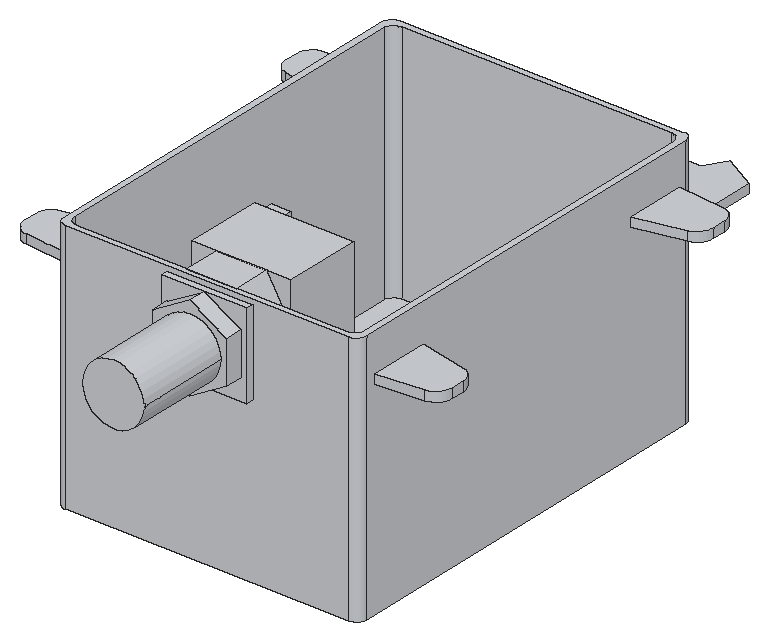
Revit family
Parameters
  Waste Connection = no
  Outlet Connector Type = ""
  Frame Visibility [instance] = no
  Default Elevation = 40.00"
  Inlet Connector Type = ""
Reference planes (in)
  plane 1 "Center (Front/Back)": y = 0
  plane 2: z = 0
  plane 3 "Center (Left/Right)": x = 0
Forms (in)
  Extrusion 1, solid, not visible
    sketch origin (0, 0, 0) x (1, 0, 0) y (0, 1, 0)
      loop
        line (-48, 48) -> (-48, -48) -> (48, -48) -> (48, 48) -> (-48, 48)
    from 0 to -12
  Extrusion 2, solid
    sketch origin (-7.70397, -2.8125, -0.625) x (1, 0, 0) y (0, 1, 0)
      loop
        line (9.74457, 5.38) -> (9.74457, 4.5495) -> (10.41144, 4.7033)
        arc (10.41144, 4.7033) -> (10.53349, 4.78027) -> (10.58107, 4.9165) r 0.2188
        line (10.58107, 4.9165) -> (10.58107, 5.0987)
        arc (10.58107, 5.0987) -> (10.52446, 5.24556) -> (10.38392, 5.31643) r 0.2188
        line (10.38392, 5.31643) -> (9.74457, 5.38)
    from 0 to 0.125
  Extrusion 3, solid
    sketch origin (7.70397, -2.8125, -0.625) x (-1, 0, 0) y (0, -1, 0)
      loop
        line (9.74457, -5.38) -> (10.38392, -5.31643)
        arc (10.38392, -5.31643) -> (10.52446, -5.24556) -> (10.58107, -5.0987) r 0.2188
        line (10.58107, -5.0987) -> (10.58107, -4.9165)
        arc (10.58107, -4.9165) -> (10.53349, -4.78027) -> (10.41144, -4.7033) r 0.2188
        line (10.41144, -4.7033) -> (9.74457, -4.5495) -> (9.74457, -5.38)
    from 0 to 0.125
  Extrusion 4, solid
    sketch origin (-7.70397, 2.8125, -0.625) x (1, 0, 0) y (0, 1, 0)
      loop
        line (9.74457, -5.38) -> (10.38392, -5.31643)
        arc (10.38392, -5.31643) -> (10.52446, -5.24556) -> (10.58107, -5.0987) r 0.2188
        line (10.58107, -5.0987) -> (10.58107, -4.9165)
        arc (10.58107, -4.9165) -> (10.53349, -4.78027) -> (10.41144, -4.7033) r 0.2188
        line (10.41144, -4.7033) -> (9.74457, -4.5495) -> (9.74457, -5.38)
    from 0 to 0.125
  Extrusion 5, solid
    sketch origin (7.70397, 2.8125, -0.625) x (-1, 0, 0) y (0, -1, 0)
      loop
        line (9.74457, 5.38) -> (9.74457, 4.5495) -> (10.41144, 4.7033)
        arc (10.41144, 4.7033) -> (10.53349, 4.78027) -> (10.58107, 4.9165) r 0.2188
        line (10.58107, 4.9165) -> (10.58107, 5.0987)
        arc (10.58107, 5.0987) -> (10.52446, 5.24556) -> (10.38392, 5.31643) r 0.2188
        line (10.38392, 5.31643) -> (9.74457, 5.38)
    from 0 to 0.125
  Extrusion 6, void
    sketch origin (0, -2.8125, -3.75) x (1, 0, 0) y (0, 1, 0)
      loop
        arc (-1.81428, 5.535) -> (-1.91067, 5.49507) -> (-1.9506, 5.39868) r 0.13632
        line (-1.9506, 5.39868) -> (-1.9506, 0.21279)
        arc (-1.9506, 0.21279) -> (-1.91067, 0.11639) -> (-1.81428, 0.07647) r 0.13632
        line (-1.81428, 0.07647) -> (1.81428, 0.07647)
        arc (1.81428, 0.07647) -> (1.91067, 0.11639) -> (1.9506, 0.21279) r 0.13632
        line (1.9506, 0.21279) -> (1.9506, 5.39868)
        arc (1.9506, 5.39868) -> (1.91067, 5.49507) -> (1.81428, 5.535) r 0.13632
        line (1.81428, 5.535) -> (-1.81428, 5.535)
    from 0.47737 to 3.75
  Extrusion 7, solid
    sketch origin (7, -2.8125, -3.75) x (1, 0, 0) y (0, 1, 0)
      loop
        arc (-8.90741, 5.625) -> (-9.00159, 5.58599) -> (-9.0406, 5.49181) r 0.13319
        line (-9.0406, 5.49181) -> (-9.0406, 0.13319)
        arc (-9.0406, 0.13319) -> (-9.00159, 0.03901) -> (-8.90741, 0) r 0.13319
        line (-8.90741, 0) -> (-5.09259, 0)
        arc (-5.09259, 0) -> (-4.99841, 0.03901) -> (-4.9594, 0.13319) r 0.13319
        line (-4.9594, 0.13319) -> (-4.9594, 5.49181)
        arc (-4.9594, 5.49181) -> (-4.99841, 5.58599) -> (-5.09259, 5.625) r 0.13319
        line (-5.09259, 5.625) -> (-8.90741, 5.625)
    from 0.33616 to 3.75
  Extrusion 8, solid
    sketch origin (7, -2.8125, -4.09216) x (1, 0, 0) y (0, 1, 0)
      loop
        line (-8.5603, 6.3475) -> (-8.7288, 6.62451) -> (-9.1936, 6.35561) -> (-9.1936, 5.62871) -> (-9.0406, 5.47571) -> (-8.85627, 5.625) -> (-5.10627, 5.625) -> (-4.95819, 5.47692) -> (-4.8064, 5.62871) -> (-4.8064, 6.35561) -> (-5.2712, 6.62451) -> (-5.4397, 6.3475) -> (-8.5603, 6.3475)
    from 3.125 to 3.25
  Extrusion 9, solid
    sketch origin (2.7956, -1.806, -2.99004) x (-1, 0, 0) y (0, 0, -1)
      loop
        line (3.4606, -2.99004) -> (3.4606, -1.83823) -> (2.1306, -1.83823) -> (2.1306, -2.99004) -> (3.4606, -2.99004)
    from -0.61996 to 0.42904
  Extrusion 10, solid
    sketch origin (2.7956, -1.806, -3.43713) x (-1, 0, 0) y (0, 0, -1)
      loop
        line (3.4606, -2.86123) -> (3.1281, -2.28532) -> (2.4631, -2.28532) -> (2.1306, -2.86123) -> (2.4631, -3.43713) -> (3.1281, -3.43713) -> (3.4606, -2.86123)
    from 0.42904 to 0.93004
  Extrusion 11, solid
    sketch origin (0.38935, 0, 0) x (1, 0, 0) y (0, 0, 1)
      loop
        line (0.22268, -0.0625) -> (-0.92732, -0.0625) -> (-0.92732, -1.21223) -> (0.22268, -1.21223) -> (0.22268, -0.0625)
    from 2.8125 to 2.9125
  Extrusion 12, solid
    sketch origin (1.0456, 0, 0) x (1, 0, 0) y (0, 0, 1)
      loop
        line (-1.0117, -0.0625) -> (-1.50955, -0.34993) -> (-1.50955, -0.9248) -> (-1.0117, -1.21223) -> (-0.51385, -0.9248) -> (-0.51385, -0.34993) -> (-1.0117, -0.0625)
    from 2.9125 to 3.1475
  Extrusion 13, solid
    sketch origin (1.0456, 0, 0) x (1, 0, 0) y (0, 0, 1)
      loop
        circle (-1.0117, -0.63736) r 0.4125
    from 4.42992 to 3.1475
  Extrusion 14, solid
    sketch origin (-0.7427, 0, -0.77554) x (1, 0, 0) y (0, 1, 0)
      loop
        line (0.0777, -1.86103) -> (0.0777, -0.57103) -> (-0.1823, -0.57103) -> (-0.1823, -1.86103) -> (0.0777, -1.86103)
    from 0 to 0.4
  Sweep 15, solid, not visible
    path origin (0, 0, 0) x (1, 0, 0) y (0, 0, 1)
      loop
        line (-1.7174, 2.5401) -> (-1.7174, -2.5401) -> (1.7174, -2.5401) -> (1.7174, 2.5401) -> (-1.7174, 2.5401)
    profile origin (-1.7174, 0, 0) x (0, -1, 0) y (1, 0, 0)
      loop
        line (0, 0) -> (0, -1.1782) -> (0.125, -1.1782)
        arc (0.125, -1.1782) -> (0.18244, -0.8066) -> (0.29371, -0.44742) r 2.55875
        arc (0.29371, -0.44742) -> (0.35615, -0.22767) -> (0.375, 0) r 1.17785
        line (0.375, 0) -> (0, 0)
  Sweep 16, solid, visible <- "Frame Visibility"
    path origin (0, 0, 0) x (1, 0, 0) y (0, 1, 0)
      loop
        line (-1.7174, 2.5401) -> (-1.7174, -2.5401) -> (1.7174, -2.5401) -> (1.7174, 2.5401) -> (-1.7174, 2.5401)
    profile origin (-1.7174, 0, 0) x (1, 0, 0) y (0, 0, 1)
      loop
        line (0, 0) -> (0, 0.375)
        arc (0, 0.375) -> (-0.22767, 0.35615) -> (-0.44742, 0.29371) r 1.17785
        arc (-0.44742, 0.29371) -> (-0.8066, 0.18244) -> (-1.1782, 0.125) r 2.55875
        line (-1.1782, 0.125) -> (-1.1782, 0) -> (0, 0)
Cuts and joins
  Extrusion 6 cuts Extrusion 7
Lines and regions (in)
  model lines
    curve 1: circle (2.6206, 2.1725, -0.5) r 0.09 normal (0, 0, 1)
    curve 2: circle (-2.6206, 2.1725, -0.5) r 0.09 normal (0, 0, -1)
    curve 3: circle (2.6206, -2.1725, -0.5) r 0.09 normal (0, 0, -1)
    curve 4: circle (-2.6206, -2.1725, -0.5) r 0.09 normal (0, 0, 1)
    curve 5: line (-0.2884, 2.8125, -0.84216) -> (-0.2884, 3.535, -0.84216)
    curve 6: line (0.3116, 2.8125, -0.84216) -> (0.3116, 3.535, -0.84216)
    curve 7: line (0.9116, 2.8125, -0.84216) -> (0.9116, 3.535, -0.84216)
    curve 8: line (-0.8884, 2.8125, -0.84216) -> (-0.8884, 3.535, -0.84216)
    curve 9: line (-1.4884, 2.8125, -0.84216) -> (-1.4884, 3.535, -0.84216)
    curve 10: line (1.5116, 2.8125, -0.84216) -> (1.5116, 3.535, -0.84216)
    curve 11: line (-1.6414, 2.8125, -0.84216) -> (-1.6414, 3.535, -0.84216)
    curve 12: line (-1.5603, 3.535, -0.84216) -> (-1.6414, 3.535, -0.84216)
    curve 13: line (-1.6414, 3.535, -0.84216) -> (-1.70032, 3.31511, -0.84216)
    curve 14: line (-1.70032, 3.31511, -0.84216) -> (-2.1936, 3.10261, -0.84216)
    curve 15: line (1.5603, 3.535, -0.84216) -> (1.6414, 3.535, -0.84216)
    curve 16: line (1.6414, 3.535, -0.84216) -> (1.70032, 3.31511, -0.84216)
    curve 17: line (1.70032, 3.31511, -0.84216) -> (2.1936, 3.10261, -0.84216)
    curve 18: line (-1.8226, 3.55987, -0.84216) -> (-1.8226, 3.37958, -0.84216)
    curve 19: line (-1.8226, 3.37958, -0.84216) -> (-2.00154, 3.3025, -0.84216)
    curve 20: line (-2.00154, 3.3025, -0.84216) -> (-2.00154, 3.48278, -0.84216)
    curve 21: line (-1.8226, 3.55987, -0.84216) -> (-2.00154, 3.48278, -0.84216)
    curve 22: line (1.8226, 3.55987, -0.84216) -> (1.8226, 3.37958, -0.84216)
    curve 23: line (1.8226, 3.37958, -0.84216) -> (2.00154, 3.3025, -0.84216)
    curve 24: line (2.00154, 3.3025, -0.84216) -> (2.00154, 3.48278, -0.84216)
    curve 25: line (1.8226, 3.55987, -0.84216) -> (2.00154, 3.48278, -0.84216)
    curve 26: circle (0, -1.7116, 0) r 0.45 normal (0, 0, 1)
    curve 27: circle (0, -1.7116, 0) r 0.1875 normal (0, 0, 1)
Dimensions and locks (in)
  locked: cut or joined group of Extrusion 6, Extrusion 7 to plane 1 "Center (Front/Back)" at 2.8125
  locked: cut or joined group of Extrusion 6, Extrusion 7 to cut or joined group of Extrusion 6, Extrusion 7 at 5.625
  locked: Extrusion 13 to cut or joined group of Extrusion 6, Extrusion 7 at 1.61742
  aligned and locked: plane 2 to Extrusion 1
  aligned and locked: level to Extrusion 1
  aligned and locked: Extrusion 7 to Extrusion 2
  aligned: Extrusion 7 to level
  aligned and locked: Extrusion 2 to Extrusion 4
  aligned and locked: Extrusion 6 to Extrusion 7
  aligned and locked: Extrusion 10 to Extrusion 9
  aligned and locked: cut or joined group of Extrusion 6, Extrusion 7 to Extrusion 11
  aligned and locked: Extrusion 11 to Extrusion 12
  aligned and locked: Extrusion 13 to Extrusion 12
Connectors (in)
  piping at (0, -1.71053, 0), driven by "Outlet Connector Type"
    settings: on Extrusion 9, index 1, connector radius 0.19", flow factor 0, pipe flow 0 GPM, pressure drop 0.00 psi, fitting loss kfactor 0, connector angle 0.00°, fixture units 0, flow configuration 0, flow direction 2, fitting loss method 0, system type 20, connector reference index -1, connector utility 0, adjustable connector no, is connector primary yes, fitting loss table "", connector description ""
  piping at (0.0339, -4.42992, -0.63736), driven by "Inlet Connector Type"
    settings: on Extrusion 13, index 6, connector radius 1/4", flow factor 0, pipe flow 0 GPM, pressure drop 0.00 psi, fitting loss kfactor 0, connector angle 0.00°, fixture units 0, flow configuration 0, flow direction 1, fitting loss method 0, system type 20, connector reference index -1, connector utility 0, adjustable connector no, is connector primary no, fitting loss table "", connector description ""
